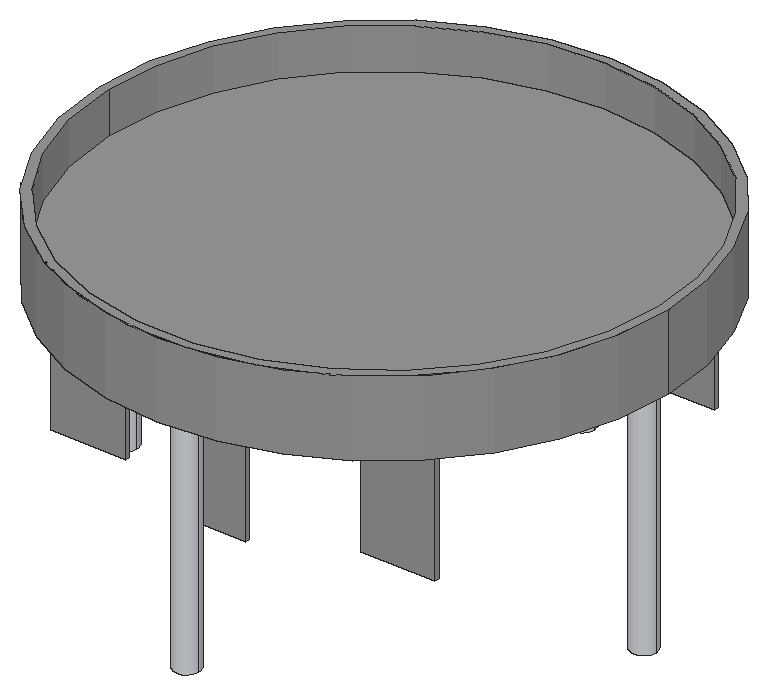
Revit family "Nivellierbare Kassette für Revisionsöffnung, RKR, 20-25, 7", category Generic Models, Revit 2015
Parameters (values of type "RKR2 7V 20")
  URL = "http://www.obo-bettermann.com"
  Material = Stainless Steel, Polished
  Manufacturer Art.No. = "7409108"
  Manufacturer = "OBO Bettermann"
  HeightCalc = if(Height < 105 mm, 105 mm, (if(Height > 155 mm, 155 mm, Height)))  # 150 mm
  Height 1 = 36.5 mm
  Height = 150 mm
  GTIN = "4012195868323"
  Diameter 1 = 265.6 mm
  Diameter = 274 mm
  Cut depth = 20 mm
  Article Type = "RKR2 7V 20"
Types (5, lengths in mm): name | Material | Manufacturer Art.No. | GTIN | Cut depth | Article Type
  (no name) | Stainless Steel, Polished | "7409108" | "4012195868323" | 20 | "RKR2 7V 20"
  RKR2 7V 20 | Stainless Steel, Polished | "7409108" | "4012195868323" | 20 | "RKR2 7V 20"
  RKR2 7V 25 | Stainless Steel | "7409110" | "4012195868361" | 25 | "RKR2 7V 25"
  RKR2 7M 20 | Brass, Soft Yellow, Welded | "7409102" | "4012195868309" | 20 | "RKR2 7M 20"
  RKR2 7M 25 | Brass, Soft Yellow, Welded | "7409104" | "4012195868316" | 25 | "RKR2 7M 25"
Reference planes
  plane 1 "Center (Front/Back)": y = 0
  plane 2: z = 0
  plane 3 "Center (Left/Right)": x = 0
  plane 4: z = 113.5
  plane 5: y = 99.5
  plane 6: y = -99.5
  plane 7: z = 150
  plane 8: z = 54.7
  plane 9: z = 130
Forms (mm)
  Extrusion 1, solid
    sketch origin (0, 0, 0) x (1, 0, 0) y (0, 1, 0)
      loop
        circle (0, 119) r 6
      loop
        circle (0, -119) r 6
      loop
        circle (-125, 0) r 6
      loop
        circle (125, 0) r 6
    from 0 to 113.5
  Extrusion 2, solid, material "Stainless Steel, Polished" <- "Material"
    sketch origin (0, 0, 0) x (1, 0, 0) y (0, 1, 0)
      loop
        line (56.5, 85) -> (56.5, 83) -> (92.5, 83) -> (92.5, 85) -> (56.5, 85)
      loop
        line (-92.5, 85) -> (-92.5, 83) -> (-56.5, 83) -> (-56.5, 85) -> (-92.5, 85)
      loop
        line (-18, 106) -> (-18, 104) -> (18, 104) -> (18, 106) -> (-18, 106)
      loop
        line (56.5, -83) -> (56.5, -85) -> (92.5, -85) -> (92.5, -83) -> (56.5, -83)
      loop
        line (-92.5, -83) -> (-92.5, -85) -> (-56.5, -85) -> (-56.5, -83) -> (-92.5, -83)
      loop
        line (-18, -104) -> (-18, -106) -> (18, -106) -> (18, -104) -> (-18, -104)
    from 54.7 to 113.5
  Extrusion 3, solid, material "Stainless Steel, Polished" <- "Material"
    sketch origin (0, 0, 0) x (1, 0, 0) y (0, 1, 0)
      loop
        circle (0, 0) r 137
    from 113.5 to 150
  Extrusion 4, void
    sketch origin (0, 0, 0) x (1, 0, 0) y (0, 1, 0)
      loop
        circle (0, 0) r 132.8
    from 130 to 150
Cuts and joins
  Extrusion 4 cuts Extrusion 1
  Extrusion 4 cuts Extrusion 2
  Extrusion 4 cuts Extrusion 3
Dimensions and locks
  "HeightCalc": plane 7 to level
  "Height 1": plane 7 to plane 4
  locked: plane 4 to plane 8 at 58.8
  "Cut depth": plane 7 to plane 9
  locked: plane 5 to plane 6 at 199
  equal spacing: plane 5, plane 1 "Center (Front/Back)", plane 6, locked at 99.5 each
  locked: plane 1 "Center (Front/Back)" to Extrusion 1 sketch curve at 119
  locked: Extrusion 1 sketch curve to plane 1 "Center (Front/Back)" at 119
  locked: Extrusion 1 sketch curve to plane 3 "Center (Left/Right)" at 125
  locked: plane 3 "Center (Left/Right)" to Extrusion 1 sketch curve at 125
  locked: Extrusion 2 sketch curve to Extrusion 2 sketch curve at 36  (x6)
  locked: Extrusion 2 sketch curve to Extrusion 2 sketch curve at 2  (x6)
  locked: Extrusion 2 sketch curve to Extrusion 2 sketch curve at 113  (x2)
  equal spacing: Extrusion 2 sketch curve, plane 3 "Center (Left/Right)", Extrusion 2 sketch curve, locked at 56.5 each  (x2)
  locked: Extrusion 2 sketch curve to plane 1 "Center (Front/Back)" at 83  (x2)
  equal spacing: Extrusion 2 sketch curve, plane 3 "Center (Left/Right)", Extrusion 2 sketch curve, locked at 18 each  (x2)
  locked: plane 1 "Center (Front/Back)" to Extrusion 2 sketch curve at 104
  locked: Extrusion 2 sketch curve to plane 1 "Center (Front/Back)" at 104
  "Diameter": diameter of Extrusion 3 sketch curve
  "Diameter 1": diameter of Extrusion 4 sketch curve
  diameter of Extrusion 1 sketch curve = 12 mm  (x4)
  aligned and locked: level to plane 2
  aligned and locked: plane 4 to Extrusion 1
  aligned and locked: Extrusion 1 to Extrusion 2
  aligned and locked: Extrusion 2 to plane 8
  aligned and locked: Extrusion 3 to Extrusion 1
  aligned and locked: plane 7 to Extrusion 3
  aligned and locked: cut or joined group of Extrusion 3, Extrusion 4 to Extrusion 4
  aligned and locked: Extrusion 4 to plane 9
  aligned and locked: Extrusion 2 sketch curve to Extrusion 2 sketch curve  (x2)
Automatic sketch dimensions
  Extrusion 1 sketch curve to plane 3 "Center (Left/Right)" = 0 mm  (x2)
  plane 1 "Center (Front/Back)" to Extrusion 1 sketch curve = 0 mm  (x2)
  plane 1 "Center (Front/Back)" to Extrusion 4 sketch curve = 0 mm
  Extrusion 4 sketch curve to plane 3 "Center (Left/Right)" = 0 mm
  plane 1 "Center (Front/Back)" to Extrusion 3 sketch curve = 0 mm
  Extrusion 3 sketch curve to plane 3 "Center (Left/Right)" = 0 mm
